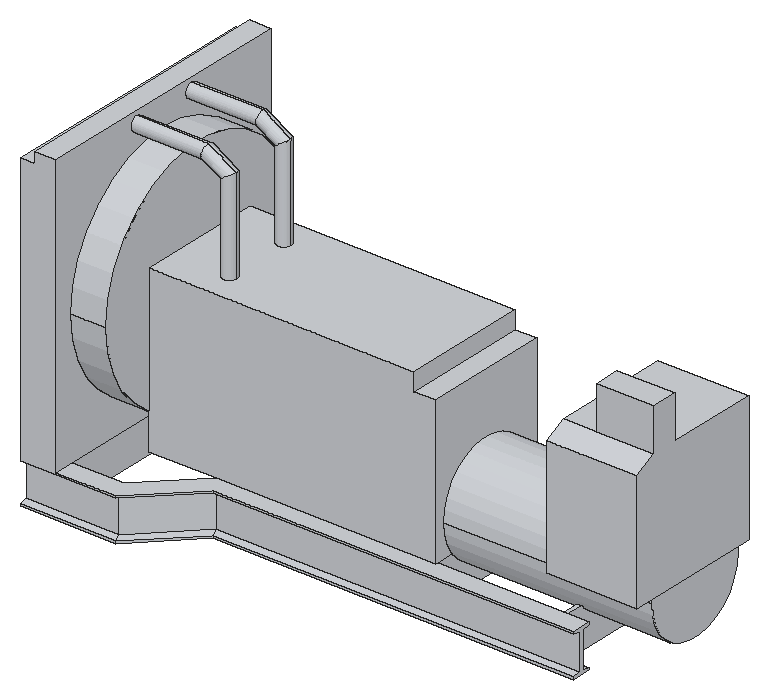
Revit family "5be6f89b984a4c92a7b96b923945f32a", category Electrical Equipment, Revit 2021
Family settings
  Panel Configuration = Two Columns, Circuits Across
  Round Connector Dimension = Use Diameter
  Part Type = Panelboard
  OmniClass Number = 23.80.10.11.11.11
  OmniClass Title = Engine Generators
  Seek Item ID = Diesel Emergency Power Generator-0000-USA-ENU
  Work Plane-Based = No
  Always vertical = Yes
  Cut with Voids When Loaded = No
  Shared = No
  Room Calculation Point = No
Parameters (values of type "300 kW")
  Width 7 = 1 / 2 * Width 4  # 0' - 2.39708"
  Width 6 = 16 / 33 * Radius 2  # 0' - 6.33939"
  Width 5 = 3 / 10 * Generator Width  # 1' - 7.6125"
  Width 4 = 11 / 150 * Generator Width  # 0' - 4.79417"
  Width 3 = 1.1 * Radius 2  # 1' - 2.3825"
  Width 2 = 0.46 * Width 1  # 0' - 7.06403"
  Width 1 = 0.54 * Radius 1  # 1' - 3.35659"
  built-in parameter 1140142 [instance] = -1
  Radius 4 = 4 / 30 * Radius 2  # 0' - 1.74333"
  Radius 3 = 0.25 * Width 2  # 0' - 1.76601"
  Radius 2 = 0.2 * Generator Width  # 1' - 1.075"
  Radius 1 = 0.435 * Generator Width  # 2' - 4.43813"
  Number Of Poles = 3
  built-in parameter 1140140 [instance] = 1 (stored number, unit not read)
  Load Classification = Power
  Length 9 = 0.64 * (0.52 * Height 5)  # 1' - 1.92435"
  Length 8 = 0.5 * Length 1 + 0.34 * Width 1  # 1' - 1.93218"
  Length 7 = 0.075 * Length 2  # 0' - 5 29/128"
  Length 6 = 0.2 * Length 1  # 0' - 3 31/64"
  Length 5 = 0.42 * Length 3  # 1' - 9.95156"
  Length 4 = 0.97 * Length 3  # 4' - 2.69766"
  Length 3 = 0.375 * Generator Length  # 4' - 4 17/64"
  Length 2 = 0.5 * Generator Length  # 5' - 9 11/16"
  Length 13 = 1.22 * Length 11  # 3' - 3.34115"
  Length 12 = 0.05 * Base Length  # 0' - 6.20132"
  Length 11 = 0.26 * Base Length  # 2' - 8.24685"
  Length 10 = 0.18 * Base Length  # 1' - 10.32474"
  Length 1 = Generator Length - Length 2 - Length 3  # 1' - 5 27/64"
  Height 8 = 0.04 * Height 1  # 0' - 2.615"
  Height 7 = 0.16 * Height 1  # 0' - 10.46"
  Height 6 = 0.48 * Height 1  # 2' - 7.38"
  Height 5 = 0.64 * Height 1  # 3' - 5.84"
  Height 4 = 0.11 * Height 2  # 0' - 4.40773"
  Height 3 = 0.2 * Height 2  # 0' - 8.01406"
  Height 2 = 0.575 * Length 2  # 3' - 4 9/128"
  Height 1 = Generator Width  # 5' - 5 3/8"
  Generator Width = 5' - 5 3/8"
  Generator Material = none
  Generator Length = 11' - 7 3/8"
  Generator Height = 6' - 6 3/8"
  built-in parameter 1155100 [instance] = -1
  Default Elevation = 0' - 0"
  Base Length = 0.9 * (Length 1 + Length 2 + Length 4)  # 10' - 4.02633"
  Apparent Load [instance] = 375000 VA
  Ang = 10.00°
  Alternator Voltage = 480 V
Types (10): name | Width 7 | Width 6 | Width 5 | Width 4 | Width 3 | Width 2 | Width 1 | Radius 4 | Radius 3 | Radius 2 | Radius 1 | Length 9 | Length 8 | Length 7 | Length 6 | Length 5 | Length 4 | Length 3 | Length 2 | Length 13 | Length 12 | Length 11 | Length 10 | Length 1 | Height 8 | Height 7 | Height 6 | Height 5 | Height 4 | Height 3 | Height 2 | Height 1 | Generator Width | Generator Length | Generator Height | Base Length | Apparent Load
  (no name) | 0' - 2.39708" | 0' - 6.33939" | 1' - 7.6125" | 0' - 4.79417" | 1' - 2.3825" | 0' - 7.06403" | 1' - 3.35659" | 0' - 1.74333" | 0' - 1.76601" | 1' - 1.075" | 2' - 4.43813" | 1' - 1.92435" | 1' - 1.93218" | 0' - 5 29/128" | 0' - 3 31/64" | 1' - 9.95156" | 4' - 2.69766" | 4' - 4 17/64" | 5' - 9 11/16" | 3' - 3.34115" | 0' - 6.20132" | 2' - 8.24685" | 1' - 10.32474" | 1' - 5 27/64" | 0' - 2.615" | 0' - 10.46" | 2' - 7.38" | 3' - 5.84" | 0' - 4.40773" | 0' - 8.01406" | 3' - 4 9/128" | 5' - 5 3/8" | 5' - 5 3/8" | 11' - 7 3/8" | 6' - 6 3/8" | 10' - 4.02633" | 375000 VA
  4000 kW | 0' - 6 7/8" | 1' - 6.18182" | 4' - 8 1/4" | 1' - 1 3/4" | 3' - 5 1/4" | 1' - 8.26013" | 3' - 8.04375" | 0' - 5" | 0' - 5.06503" | 3' - 1 1/2" | 6' - 9 9/16" | 3' - 3.936" | 3' - 3.34988" | 1' - 2 5/8" | 0' - 9 3/4" | 5' - 1.425" | 11' - 9.8625" | 12' - 2 1/4" | 16' - 3" | 9' - 2.08466" | 1' - 5.35256" | 7' - 6.23333" | 5' - 2.46922" | 4' - 0 3/4" | 0' - 7 1/2" | 2' - 6" | 7' - 6" | 10' - 0" | 1' - 0.33375" | 1' - 10.425" | 9' - 4 1/8" | 15' - 7 1/2" | 15' - 7 1/2" | 32' - 6" | 18' - 9" | 28' - 11.05125" | 5000000 VA
  3000 kW | 0' - 6 3/16" | 1' - 4.36364" | 4' - 2 5/8" | 1' - 0 3/8" | 3' - 1 1/8" | 1' - 6.23411" | 3' - 3.63938" | 0' - 4 1/2" | 0' - 4.55853" | 2' - 9 3/4" | 6' - 1 13/32" | 2' - 11.9424" | 2' - 11.97739" | 1' - 1 1/2" | 0' - 9" | 4' - 8.7" | 10' - 10.95" | 11' - 3" | 15' - 0" | 8' - 5.61661" | 1' - 4.01775" | 6' - 11.2923" | 4' - 9.6639" | 3' - 9" | 0' - 6 3/4" | 2' - 3" | 6' - 9" | 9' - 0" | 0' - 11.385" | 1' - 8.7" | 8' - 7 1/2" | 14' - 0 3/4" | 14' - 0 3/4" | 30' - 0" | 16' - 10 1/2" | 26' - 8.355" | 3750000 VA
  2000 kW | 0' - 5 1/2" | 1' - 2.54545" | 3' - 9" | 0' - 11" | 2' - 9" | 1' - 4.2081" | 2' - 11.235" | 0' - 4" | 0' - 4.05203" | 2' - 6" | 5' - 5 1/4" | 2' - 7.9488" | 2' - 7.9799" | 1' - 0" | 0' - 8" | 4' - 2.4" | 9' - 8.4" | 10' - 0" | 13' - 4" | 7' - 6.32587" | 1' - 2.238" | 6' - 2.0376" | 4' - 3.2568" | 3' - 4" | 0' - 6" | 2' - 0" | 6' - 0" | 8' - 0" | 0' - 10.12" | 1' - 6.4" | 7' - 8" | 12' - 6" | 12' - 6" | 26' - 8" | 15' - 0" | 23' - 8.76" | 2500000 VA
  1600 kW | 0' - 4 1/8" | 0' - 10.90909" | 2' - 9 3/4" | 0' - 8 1/4" | 2' - 0 3/4" | 1' - 0.15608" | 2' - 2.42625" | 0' - 3" | 0' - 3.03902" | 1' - 10 1/2" | 4' - 0 15/16" | 1' - 11.9616" | 1' - 11.98493" | 0' - 9" | 0' - 6" | 3' - 1.8" | 7' - 3.3" | 7' - 6" | 10' - 0" | 5' - 7.7444" | 0' - 10.6785" | 4' - 7.5282" | 3' - 2.4426" | 2' - 6" | 0' - 4 1/2" | 1' - 6" | 4' - 6" | 6' - 0" | 0' - 7.59" | 1' - 1.8" | 5' - 9" | 9' - 4 1/2" | 9' - 4 1/2" | 20' - 0" | 11' - 3" | 17' - 9.57" | 2000000 VA
  1200 kW | 0' - 3.575" | 0' - 9.45455" | 2' - 5 1/4" | 0' - 7.15" | 1' - 9.45" | 0' - 10.53526" | 1' - 10.90275" | 0' - 2.6" | 0' - 2.63382" | 1' - 7 1/2" | 3' - 6.4125" | 1' - 8.76672" | 1' - 8.78693" | 0' - 7.8" | 0' - 5.2" | 2' - 8.76" | 6' - 3.66" | 6' - 6" | 8' - 8" | 4' - 10.71182" | 0' - 9.2547" | 4' - 0.12444" | 2' - 9.31692" | 2' - 2" | 0' - 3.9" | 1' - 3.6" | 3' - 10.8" | 5' - 2.4" | 0' - 6.578" | 0' - 11.96" | 4' - 11.8" | 8' - 1 1/2" | 8' - 1 1/2" | 17' - 4" | 9' - 9" | 15' - 5.094" | 1500000 VA
  800 kW | 0' - 3 3/32" | 0' - 8.18182" | 2' - 1 5/16" | 0' - 6 3/16" | 1' - 6 9/16" | 0' - 9.11706" | 1' - 7.81969" | 0' - 2 1/4" | 0' - 2.27926" | 1' - 4 7/8" | 3' - 0 45/64" | 1' - 5.9712" | 1' - 5.98869" | 0' - 6 3/4" | 0' - 4 1/2" | 2' - 4.35" | 5' - 5.475" | 5' - 7 1/2" | 7' - 6" | 4' - 2.8083" | 0' - 8.00888" | 3' - 5.64615" | 2' - 4.83195" | 1' - 10 1/2" | 0' - 3 3/8" | 1' - 1 1/2" | 3' - 4 1/2" | 4' - 6" | 0' - 5.6925" | 0' - 10.35" | 4' - 3 3/4" | 7' - 0 3/8" | 7' - 0 3/8" | 15' - 0" | 8' - 5 1/4" | 13' - 4.1775" | 1000000 VA
  600 kW | 0' - 2 3/4" | 0' - 7.27273" | 1' - 10 1/2" | 0' - 5 1/2" | 1' - 4 1/2" | 0' - 8.10405" | 1' - 5.6175" | 0' - 2" | 0' - 2.02601" | 1' - 3" | 2' - 8 5/8" | 1' - 3.9744" | 1' - 3.98995" | 0' - 6" | 0' - 4" | 2' - 1.2" | 4' - 10.2" | 5' - 0" | 6' - 8" | 3' - 9.16294" | 0' - 7.119" | 3' - 1.0188" | 2' - 1.6284" | 1' - 8" | 0' - 3" | 1' - 0" | 3' - 0" | 4' - 0" | 0' - 5.06" | 0' - 9.2" | 3' - 10" | 6' - 3" | 6' - 3" | 13' - 4" | 7' - 6" | 11' - 10.38" | 750000 VA
  300 kW | 0' - 2.39708" | 0' - 6.33939" | 1' - 7.6125" | 0' - 4.79417" | 1' - 2.3825" | 0' - 7.06403" | 1' - 3.35659" | 0' - 1.74333" | 0' - 1.76601" | 1' - 1.075" | 2' - 4.43813" | 1' - 1.92435" | 1' - 1.93218" | 0' - 5 29/128" | 0' - 3 31/64" | 1' - 9.95156" | 4' - 2.69766" | 4' - 4 17/64" | 5' - 9 11/16" | 3' - 3.34115" | 0' - 6.20132" | 2' - 8.24685" | 1' - 10.32474" | 1' - 5 27/64" | 0' - 2.615" | 0' - 10.46" | 2' - 7.38" | 3' - 5.84" | 0' - 4.40773" | 0' - 8.01406" | 3' - 4 9/128" | 5' - 5 3/8" | 5' - 5 3/8" | 11' - 7 3/8" | 6' - 6 3/8" | 10' - 4.02633" | 375000 VA
  200 kW | 0' - 2.13125" | 0' - 5.63636" | 1' - 5 7/16" | 0' - 4.2625" | 1' - 0.7875" | 0' - 6.28064" | 1' - 1.65356" | 0' - 1.55" | 0' - 1.57016" | 0' - 11 5/8" | 2' - 1.28437" | 1' - 0.38016" | 1' - 0.39221" | 0' - 4.65" | 0' - 3.1" | 1' - 7.53" | 3' - 9.105" | 3' - 10 1/2" | 5' - 2" | 2' - 11.00128" | 0' - 5.51723" | 2' - 4.68957" | 1' - 7.86201" | 1' - 3 1/2" | 0' - 2.325" | 0' - 9.3" | 2' - 3.9" | 3' - 1.2" | 0' - 3.9215" | 0' - 7.13" | 2' - 11.65" | 4' - 10 1/8" | 4' - 10 1/8" | 10' - 4" | 5' - 9 3/4" | 9' - 2.3445" | 250000 VA
Reference planes (in)
  plane 1 "Center (Front/Back)": y = 0
  plane 2: z = 0
  plane 3 "Center (Left/Right)": x = 0
  plane 4: x = 69.6875
  plane 5: x = -69.6875
  plane 6: y = 32.6875
  plane 7: y = -32.6875
  plane 8: z = 78.375
  plane 9: x = 54.33883
  plane 10: x = -47.36276
  plane 11: y = 19.6125
  plane 12: y = -19.6125
  plane 13: y = 17.21542
  plane 14: y = -17.21542
  plane 15: y = 30.29042
  plane 16: y = -30.29042
  plane 17: z = 75.76
  plane 18: z = 10.385
  plane 19: z = 9.885
  plane 20: z = 0.5
  plane 21: x = -63.48618
  plane 22: x = -63.92368
  plane 23: x = -63.04868
  plane 24: x = -24.14503
  plane 25: x = -24.58253
  plane 26: x = -23.70753
  plane 27: x = 48.13751
  plane 28: x = 47.70001
  plane 29: x = 48.57501
  plane 30: x = 15.89067
  plane 31: x = 15.45317
  plane 32: x = 16.32817
  plane 33: x = -52.26562
  plane 34: x = -60.97656
  plane 35: x = -66.20312
  plane 36: z = 43.0725
  plane 37: x = 17.42188
  plane 38: x = 12.19531
  plane 39: y = 15.35659
  plane 40: y = -15.35659
  plane 41: z = 50.45531
  plane 42: z = 46.04758
  plane 43: z = 18.39906
  plane 44: x = 68.11953
  plane 45: y = 14.3825
  plane 46: y = -14.3825
  plane 47: z = 20.845
  plane 48: z = 52.225
  plane 49: z = 62.685
  plane 50: x = 47.73594
  plane 51: y = -19.5075
  plane 52: x = 55.76315
  plane 53: y = -8.04311
  plane 54: x = -38.33345
  plane 55 "Plan 2": y = 8.29256
  plane 56 "Plan 1": y = -8.29256
Forms (in)
  Sweep 1, solid, material <- "Generator Material", detail levels fine
    path origin (0, 0, 0) x (1, 0, 0) y (0, 1, 0)
      loop
        line (-69.6875, 30.29042) -> (-47.36276, 30.29042) -> (-34.28776, 17.21542) -> (54.33883, 17.21542)
    profile origin (-58.52513, 30.29042, 0) x (0, 1, 0) y (0, 0, 1)
      loop
        line (0, 0) -> (2.39708, 0) -> (2.39708, 0.5) -> (0.4375, 0.84553) -> (0.4375, 9.53947) -> (2.39708, 9.885) -> (2.39708, 10.385) -> (0, 10.385) -> (-2.39708, 10.385) -> (-2.39708, 9.885) -> (-0.4375, 9.53947) -> (-0.4375, 0.84553) -> (-2.39708, 0.5) -> (-2.39708, 0) -> (0, 0)
  Sweep 2, solid, material <- "Generator Material", detail levels fine
    path origin (0, 0, 0) x (1, 0, 0) y (0, 1, 0)
      loop
        line (-69.6875, -30.29042) -> (-47.36276, -30.29042) -> (-34.28776, -17.21542) -> (54.33883, -17.21542)
    profile origin (-58.52513, -30.29042, 0) x (0, 1, 0) y (0, 0, 1)
      loop
        line (0, 0) -> (2.39708, 0) -> (2.39708, 0.5) -> (0.4375, 0.84553) -> (0.4375, 9.53947) -> (2.39708, 9.885) -> (2.39708, 10.385) -> (0, 10.385) -> (-2.39708, 10.385) -> (-2.39708, 9.885) -> (-0.4375, 9.53947) -> (-0.4375, 0.84553) -> (-2.39708, 0.5) -> (-2.39708, 0) -> (0, 0)
  Extrusion 3, solid, material <- "Generator Material", detail levels fine
    sketch origin (0, 0, 0) x (1, 0, 0) y (0, 0, 1)
      loop
        line (-63.92368, 10.385) -> (-63.92368, 0) -> (-63.04868, 0) -> (-63.04868, 10.385) -> (-63.92368, 10.385)
    from -30.29042 to 30.29042
  Extrusion 4, solid, material <- "Generator Material", detail levels fine
    sketch origin (0, 0, 0) x (1, 0, 0) y (0, 0, 1)
      loop
        line (-24.58253, 9.885) -> (-24.58253, 0) -> (-23.70753, 0) -> (-23.70753, 9.885) -> (-24.58253, 9.885)
    from -17.21542 to 17.21542
  Extrusion 5, solid, material <- "Generator Material", detail levels fine
    sketch origin (0, 0, 0) x (1, 0, 0) y (0, 0, 1)
      loop
        line (47.70001, 9.885) -> (47.70001, 0) -> (48.57501, 0) -> (48.57501, 9.885) -> (47.70001, 9.885)
    from -17.21542 to 17.21542
  Extrusion 6, solid, material <- "Generator Material", detail levels fine
    sketch origin (0, 0, 0) x (1, 0, 0) y (0, 0, 1)
      loop
        line (15.45317, 9.885) -> (15.45317, 0) -> (16.32817, 0) -> (16.32817, 9.885) -> (15.45317, 9.885)
    from -17.21542 to 17.21542
  Extrusion 7, solid, material <- "Generator Material", detail levels fine
    sketch origin (0, 0, 0) x (1, 0, 0) y (0, 1, 0)
      loop
        line (-69.6875, 32.6875) -> (-69.6875, -32.6875) -> (-60.97656, -32.6875) -> (-60.97656, 32.6875) -> (-69.6875, 32.6875)
    from 10.385 to 75.76
  Extrusion 8, solid, material <- "Generator Material", detail levels fine
    sketch origin (0, 0, 0) x (1, 0, 0) y (0, 1, 0)
      loop
        line (-66.20312, 32.6875) -> (-66.20312, -32.6875) -> (-60.97656, -32.6875) -> (-60.97656, 32.6875) -> (-66.20312, 32.6875)
    from 75.76 to 78.375
  Extrusion 9, solid, material <- "Generator Material", detail levels fine
    sketch origin (0, 0, 0) x (0, 1, 0) y (0, 0, 1)
      loop
        circle (0, 43.0725) r 28.43813
    from -60.97656 to -52.26562
  Extrusion 10, solid, material <- "Generator Material", detail levels fine
    sketch origin (0, 0, 0) x (1, 0, 0) y (0, 1, 0)
      loop
        line (-52.26562, 15.35659) -> (-52.26562, -15.35659) -> (12.19531, -15.35659) -> (12.19531, 15.35659) -> (-52.26562, 15.35659)
    from 10.385 to 50.45531
  Extrusion 11, solid, material <- "Generator Material", detail levels fine
    sketch origin (0, 0, 0) x (1, 0, 0) y (0, 1, 0)
      loop
        line (12.19531, 15.35659) -> (12.19531, -15.35659) -> (17.42188, -15.35659) -> (17.42188, 15.35659) -> (12.19531, 15.35659)
    from 10.385 to 46.04758
  Extrusion 12, solid, material <- "Generator Material", detail levels fine
    sketch origin (0, 0, 0) x (0, 1, 0) y (0, 0, 1)
      loop
        circle (0, 18.39906) r 13.075
    from 17.42188 to 68.11953
  Extrusion 13, solid, material <- "Generator Material", detail levels fine
    sketch origin (0, 0, 0) x (1, 0, 0) y (0, 1, 0)
      loop
        line (47.73594, 14.3825) -> (47.73594, -14.3825) -> (69.6875, -14.3825) -> (69.6875, 14.3825) -> (47.73594, 14.3825)
    from 20.845 to 52.225
  Extrusion 14, solid, material <- "Generator Material", detail levels fine
    sketch origin (0, 0, 0) x (0, 1, 0) y (0, 0, 1)
      loop
        line (-14.3825, 52.225) -> (-19.5075, 49.72537) -> (-19.5075, 20.845) -> (-14.3825, 20.845) -> (-14.3825, 52.225)
    from 47.73594 to 69.6875
  Extrusion 15, solid, material <- "Generator Material", detail levels fine
    sketch origin (0, 0, 0) x (1, 0, 0) y (0, 1, 0)
      loop
        line (55.76315, -8.04311) -> (55.76315, -14.3825) -> (69.6875, -14.3825) -> (69.6875, -8.04311) -> (55.76315, -8.04311)
    from 52.225 to 62.685
  Sweep 16, solid, material <- "Generator Material", detail levels fine
    path origin (0, -8.29256, 0) x (1, 0, 0) y (0, 0, 1)
      loop
        line (-60.97656, 75.76) -> (-43.83256, 75.76) -> (-38.33345, 72.58509) -> (-38.33345, 50.45531)
    profile origin (-52.40456, -8.29256, 75.76) x (0, 0, -1) y (0, 1, 0)
      loop
        circle (0, 0) r 1.74333
  Sweep 17, solid, material <- "Generator Material", detail levels fine
    path origin (0, 8.29256, 0) x (1, 0, 0) y (0, 0, 1)
      loop
        line (-60.97656, 75.76) -> (-43.83256, 75.76) -> (-38.33345, 72.58509) -> (-38.33345, 50.45531)
    profile origin (-52.40456, 8.29256, 75.76) x (0, 0, 1) y (0, -1, 0)
      loop
        circle (0, 0) r 1.74333
  Extrusion 18, solid, material <- "Generator Material", detail levels coarse+medium
    sketch origin (0, 0, 0) x (1, 0, 0) y (0, 1, 0)
      loop
        line (-69.6875, 32.6875) -> (-69.6875, -32.6875) -> (69.6875, -32.6875) -> (69.6875, 32.6875) -> (-69.6875, 32.6875)
    from 0 to 78.375
Cuts and joins
  joined: Sweep 1, Sweep 2, Extrusion 3, Extrusion 4, Extrusion 5, Extrusion 6, Extrusion 7, Extrusion 8, Extrusion 9, Extrusion 10, Extrusion 11, Extrusion 12, Extrusion 13, Extrusion 14, Extrusion 15, Sweep 16, Sweep 17
Dimensions and locks (in)
  equal spacing: plane 5, plane 3 "Center (Left/Right)", plane 4
  "Generator Length": plane 5 to plane 4
  "Generator Width": plane 7 to plane 6
  equal spacing: plane 7, plane 1 "Center (Front/Back)", plane 6
  "Generator Height": plane 8 to plane 2
  "Base Length": plane 5 to plane 9
  "Length 10": plane 5 to plane 10
  "Width 5": plane 1 "Center (Front/Back)" to plane 11
  "Width 5": plane 12 to plane 1 "Center (Front/Back)"
  "Width 7": plane 13 to plane 11
  "Width 7": plane 14 to plane 12
  "Width 7": plane 15 to plane 6
  "Width 7": plane 16 to plane 7
  "Height 8": plane 8 to plane 17
  "Height 1": plane 17 to plane 18
  locked: plane 18 to plane 19 at 0.5
  locked: plane 20 to plane 2 at 0.5
  equal spacing: Sweep 1 sketch curve, plane 15, Sweep 1 sketch curve  (x3)
  locked: Sweep 1 sketch curve to Sweep 1 sketch curve at 0.875
  "Width 4": Sweep 1 sketch curve to Sweep 1 sketch curve  (x2)
  equal spacing: Sweep 2 sketch curve, plane 16, Sweep 2 sketch curve  (x3)
  locked: Sweep 2 sketch curve to Sweep 2 sketch curve at 0.875
  "Width 4": Sweep 2 sketch curve to Sweep 2 sketch curve  (x2)
  "Length 12": plane 5 to plane 21
  equal spacing: plane 22, plane 21, plane 23
  locked: plane 22 to plane 23 at 0.875
  "Length 13": plane 21 to plane 24
  equal spacing: plane 25, plane 24, plane 26
  locked: plane 25 to plane 26 at 0.875
  "Length 12": plane 27 to plane 9
  equal spacing: plane 28, plane 27, plane 29
  locked: plane 28 to plane 29 at 0.875
  "Length 11": plane 30 to plane 27
  equal spacing: plane 31, plane 30, plane 32
  locked: plane 31 to plane 32 at 0.875
  "Length 1": plane 5 to plane 33
  equal spacing: plane 5, plane 34, plane 33
  "Length 6": plane 5 to plane 35
  equal spacing: plane 17, plane 36, plane 18
  "Length 2": plane 33 to plane 37
  "Length 7": plane 38 to plane 37
  "Width 1": plane 1 "Center (Front/Back)" to plane 39
  "Width 1": plane 40 to plane 1 "Center (Front/Back)"
  "Height 2": plane 41 to plane 18
  "Height 4": plane 41 to plane 42
  "Height 3": plane 43 to plane 18
  "Length 4": plane 37 to plane 44
  "Width 3": plane 1 "Center (Front/Back)" to plane 45
  equal spacing: plane 46, plane 1 "Center (Front/Back)", plane 45
  "Height 7": plane 47 to plane 18
  "Height 6": plane 48 to plane 47
  "Height 5": plane 49 to plane 47
  "Length 5": plane 50 to plane 4
  locked: plane 51 to plane 46 at 5.125
  "Length 9": plane 52 to plane 4
  "Width 6": plane 53 to plane 46
  "Length 8": plane 33 to plane 54
  "Width 2": plane 55 "Plan 2" to plane 39
  "Width 2": plane 56 "Plan 1" to plane 40
  "Radius 1": radius of Extrusion 9 sketch curve
  "Radius 2": radius of Extrusion 12 sketch curve
  "Radius 4": radius of Sweep 16 sketch curve
  "Radius 4": radius of Sweep 17 sketch curve
  locked: Sweep 1 sketch curve to plane 15 (angle 45.00°)
  "Ang": angle Sweep 1 sketch curve to plane 19
  "Ang": angle plane 20 to Sweep 1 sketch curve
  "Ang": angle plane 19 to Sweep 1 sketch curve
  "Ang": angle Sweep 1 sketch curve to plane 20
  locked: plane 16 to Sweep 2 sketch curve (angle 45.00°)
  "Ang": angle plane 19 to Sweep 2 sketch curve
  "Ang": angle Sweep 2 sketch curve to plane 20
  "Ang": angle Sweep 2 sketch curve to plane 19
  "Ang": angle plane 20 to Sweep 2 sketch curve
  locked: Extrusion 14 sketch curve to plane 48 (angle 154.00°)
  locked: plane 17 to Sweep 16 sketch curve (angle 150.00°)
  locked: plane 17 to Sweep 17 sketch curve (angle 150.00°)
  aligned and locked: plane 15 to Sweep 1 sketch curve
  aligned and locked: plane 13 to Sweep 1 sketch curve
  aligned and locked: plane 5 to Sweep 1 sketch curve
  aligned and locked: plane 9 to Sweep 1 sketch curve
  aligned and locked: plane 10 to Sweep 1 sketch curve
  aligned and locked: Sweep 1 sketch curve to plane 18
  aligned and locked: plane 2 to Sweep 1 sketch curve
  aligned and locked: Sweep 1 to plane 6
  aligned and locked: Sweep 1 to plane 11
  aligned and locked: Sweep 2 sketch curve to plane 16
  aligned and locked: plane 5 to Sweep 2 sketch curve
  aligned and locked: Sweep 2 sketch curve to plane 14
  aligned and locked: plane 9 to Sweep 2 sketch curve
  aligned and locked: plane 10 to Sweep 2 sketch curve
  aligned and locked: plane 18 to Sweep 2 sketch curve
  aligned and locked: Sweep 2 sketch curve to plane 2
  aligned and locked: plane 7 to Sweep 2
  aligned and locked: Sweep 2 to plane 12
  aligned and locked: plane 22 to Extrusion 3 sketch curve
  aligned and locked: Extrusion 3 sketch curve to plane 18
  aligned and locked: level to Extrusion 3 sketch curve
  aligned and locked: Extrusion 3 sketch curve to plane 23
  aligned and locked: Extrusion 3 to plane 15
  aligned and locked: Extrusion 3 to plane 16
  aligned and locked: plane 25 to Extrusion 4 sketch curve
  aligned and locked: level to Extrusion 4 sketch curve
  aligned and locked: Extrusion 4 sketch curve to plane 26
  aligned and locked: Extrusion 4 to plane 13
  aligned and locked: Extrusion 4 to plane 14
  aligned and locked: plane 28 to Extrusion 5 sketch curve
  aligned and locked: level to Extrusion 5 sketch curve
  aligned and locked: Extrusion 5 sketch curve to plane 29
  aligned and locked: Extrusion 5 to plane 13
  aligned and locked: Extrusion 5 to plane 14
  aligned and locked: plane 31 to Extrusion 6 sketch curve
  aligned and locked: level to Extrusion 6 sketch curve
  aligned and locked: Extrusion 6 sketch curve to plane 32
  aligned and locked: Extrusion 6 to plane 13
  aligned and locked: Extrusion 6 to plane 14
  aligned and locked: Sweep 1 to Extrusion 7 sketch curve
  aligned and locked: Extrusion 7 sketch curve to Sweep 1
  aligned and locked: plane 7 to Extrusion 7 sketch curve
  aligned and locked: Extrusion 7 sketch curve to plane 34
  aligned and locked: plane 17 to Extrusion 7
  aligned and locked: Extrusion 7 to plane 18
  aligned and locked: plane 35 to Extrusion 8 sketch curve
  aligned and locked: plane 6 to Extrusion 8 sketch curve
  aligned and locked: Extrusion 7 to Extrusion 8 sketch curve
  aligned and locked: Extrusion 8 sketch curve to Extrusion 7
  aligned and locked: plane 8 to Extrusion 8
  aligned and locked: Extrusion 8 to plane 17
  aligned and locked: plane 1 "Center (Front/Back)" to Extrusion 9 sketch curve
  aligned and locked: plane 36 to Extrusion 9 sketch curve
  aligned and locked: Extrusion 9 to plane 34
  aligned and locked: plane 33 to Extrusion 9
  aligned and locked: plane 33 to Extrusion 10 sketch curve
  aligned and locked: plane 39 to Extrusion 10 sketch curve
  aligned and locked: plane 40 to Extrusion 10 sketch curve
  aligned and locked: Extrusion 10 sketch curve to plane 38
  aligned and locked: plane 41 to Extrusion 10
  aligned and locked: Extrusion 10 to plane 18
  aligned and locked: Extrusion 10 to Extrusion 11 sketch curve
  aligned and locked: Extrusion 11 sketch curve to Extrusion 10
  aligned and locked: plane 40 to Extrusion 11 sketch curve
  aligned and locked: Extrusion 11 sketch curve to plane 37
  aligned and locked: plane 42 to Extrusion 11
  aligned and locked: Extrusion 11 to plane 18
  aligned and locked: plane 1 "Center (Front/Back)" to Extrusion 12 sketch curve
  aligned and locked: plane 43 to Extrusion 12 sketch curve
  aligned and locked: plane 44 to Extrusion 12
  aligned and locked: Extrusion 12 to plane 37
  aligned and locked: plane 50 to Extrusion 13 sketch curve
  aligned and locked: plane 45 to Extrusion 13 sketch curve
  aligned and locked: Extrusion 13 sketch curve to plane 46
  aligned and locked: Extrusion 13 sketch curve to plane 4
  aligned and locked: plane 48 to Extrusion 13
  aligned and locked: Extrusion 13 to plane 47
  aligned and locked: Extrusion 14 sketch curve to plane 51
  aligned and locked: plane 47 to Extrusion 14 sketch curve
  aligned and locked: Extrusion 14 sketch curve to plane 46
  aligned and locked: plane 4 to Extrusion 14
  aligned and locked: Extrusion 14 to plane 50
  aligned and locked: plane 52 to Extrusion 15 sketch curve
  aligned and locked: Extrusion 15 sketch curve to plane 53
  aligned and locked: Extrusion 15 sketch curve to plane 46
  aligned and locked: Extrusion 15 sketch curve to plane 4
  aligned and locked: plane 49 to Extrusion 15
  aligned and locked: Extrusion 15 to plane 48
  aligned and locked: plane 56 "Plan 1" to Sweep 16 sketch curve
  aligned and locked: plane 17 to Sweep 16 sketch curve
  aligned and locked: Sweep 17 sketch curve to plane 17
  aligned and locked: Sweep 17 sketch curve to plane 54
  aligned and locked: plane 55 "Plan 2" to Sweep 17 sketch curve
  aligned and locked: plane 17 to Sweep 17 sketch curve
  aligned and locked: Extrusion 4 sketch curve to plane 19
  aligned and locked: Extrusion 6 sketch curve to plane 19
  aligned and locked: Extrusion 5 sketch curve to plane 19
  aligned and locked: Extrusion 18 sketch curve to cut or joined group 1 (Sweep 1, Sweep 2, Extrusion 3, Extrusion 4, Extrusion 5, Extrusion 6, Extrusion 7, Extrusion 8, Extrusion 9, Extrusion 10, Extrusion 11, Extrusion 12, Extrusion 13, Extrusion 14, Extrusion 15, Sweep 16, Sweep 17)  (x2)
  aligned and locked: plane 7 to Extrusion 18 sketch curve
  aligned and locked: Extrusion 18 sketch curve to plane 4
  aligned and locked: plane 8 to Extrusion 18
  aligned and locked: Extrusion 18 to plane 2
  aligned and locked: cut or joined group 1 to Extrusion 14 sketch curve
Automatic sketch dimensions
  Sweep 1 sketch curve to profile plane = 0' - 0"  (x2)
  level to Sweep 1 sketch curve = 0' - 0 1/2"  (x2)
  Sweep 1 sketch curve to Sweep 1 sketch curve = 0' - 0"
  Sweep 1 sketch curve to Sweep 1 sketch curve = 0' - 0 1/2"
  Sweep 2 sketch curve to profile plane = 0' - 0"  (x2)
  level to Sweep 2 sketch curve = 0' - 0 1/2"  (x2)
  Sweep 2 sketch curve to Sweep 2 sketch curve = 0' - 0"
  Sweep 2 sketch curve to Sweep 2 sketch curve = 0' - 0 1/2"
  Sweep 16 sketch curve to plane 17 = 0' - 0"
  Sweep 16 sketch curve to plane 34 = 0' - 0"
  Sweep 16 sketch curve to plane 41 = 0' - 0"
  Sweep 16 sketch curve to plane 54 = 0' - 0"
  Sweep 16 sketch curve to plane 10 = 0' - 3.5302"
  Sweep 17 sketch curve to plane 34 = 0' - 0"
  Sweep 17 sketch curve to plane 41 = 0' - 0"
  plane 10 to Sweep 17 sketch curve = 0' - 3.5302"
Connectors (in)
  electrical at (0, 0, 78.375), driven by "Alternator Voltage", driven by "Number Of Poles", driven by "Apparent Load", driven by "Load Classification"
    settings: on Extrusion 18, index 1, voltage 480 V, apparent load 375000 VA, apparent load phase1 0 VA, apparent load phase2 0 VA, apparent load phase3 0 VA, power factor 1, load classification "Power", number of poles 3, system type 30, power factor state 1, is connector primary yes, connector utility no, sub classification motor no, connector description ""
  cabletrayconduit at (-20.03516, 0, 50.45531), diameter 24
    settings: on cut or joined group 1, index 2, connector width 1' - 0", connector height 1' - 0", connector angle 0.00°, system type 32, placement type 1, profile type 0, connector reference index -1, is primary connector yes, connector utility param no, connector description ""
  cabletrayconduit at (-69.6875, 0, 10.64042), diameter 24
    settings: on cut or joined group 1, index 3, connector width 1' - 0", connector height 1' - 0", connector angle 0.00°, system type 32, placement type 1, profile type 0, connector reference index -1, is primary connector no, connector utility param no, connector description ""
  cabletrayconduit at (69.6875, -6.88765, 46.68255), diameter 24
    settings: on cut or joined group 1, index 4, connector width 1' - 0", connector height 1' - 0", connector angle 0.00°, system type 32, placement type 1, profile type 0, connector reference index -1, is primary connector no, connector utility param no, connector description ""
  cabletrayconduit at (-16.67268, 15.35659, 30.41224), diameter 24
    settings: on cut or joined group 1, index 5, connector width 1' - 0", connector height 1' - 0", connector angle 0.00°, system type 32, placement type 1, profile type 0, connector reference index -1, is primary connector no, connector utility param no, connector description ""
  cabletrayconduit at (-17.70429, 0, 10.385), diameter 24
    settings: on cut or joined group 1, index 6, connector width 1' - 0", connector height 1' - 0", connector angle 0.00°, system type 32, placement type 1, profile type 0, connector reference index -1, is primary connector no, connector utility param no, connector description ""
  cabletrayconduit at (-16.67268, -15.35659, 30.41224), diameter 24
    settings: on cut or joined group 1, index 7, connector width 1' - 0", connector height 1' - 0", connector angle 0.00°, system type 32, placement type 1, profile type 0, connector reference index -1, is primary connector no, connector utility param no, connector description ""
